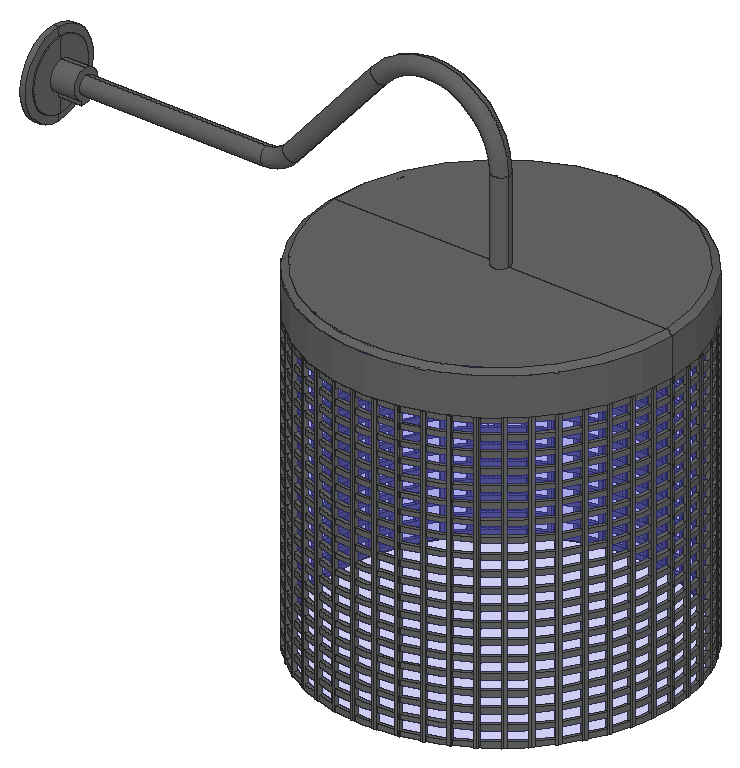
Revit family "OSOC LED 20", category Lighting Fixtures, Revit 2020
Family settings
  Round Connector Dimension = Use Diameter
  Part Type = Normal
  OmniClass Number = 23.80.70.00
  OmniClass Title = Lighting
  Work Plane-Based = No
  Always vertical = Yes
  Cut with Voids When Loaded = No
  Light Source = Yes
  Shared = No
  Room Calculation Point = No
Parameters (values of type "OSOC20")
  b = 0' - 3"
  a = 1' - 7"
  Weight = "18.0 lbs"
  Wattage Comments = "37 W"
  Wattage = 26.9284 W
  Warranty = "5 year limited warranty"  # constant formula
  built-in parameter 1150110 = 1 (stored number, unit not read)
  Voltage = 120 V
  URL = "https://www.anplighting.com/assets/Uploads/product-attachments/specification-sheets/ANP-Specification-Sheet-RLM-LED-OSOC20.pdf"
  built-in parameter 1114217 = 1 (stored number, unit not read)
  Tilt Angle = 90.00°
  built-in parameter 1150109 = 1 (stored number, unit not read)
  built-in parameter 1150134 = 12
  built-in parameter 1150113 = 1 (stored number, unit not read)
  Ring = body
  Photometric Web File = "generic"
  OSOC20 = yes
  built-in parameter 1150142 = (empty or 0)
  Mounting Option [instance] = 2
  Power Factor = 1
  Post Mount [instance] = Mounting Option = 5  # no
  Placement X axis side [instance] = if(Post Mount, 2' 2 15/32", if(Cord or Stem Mount, 0' 0", if(E36 20 inch, 1' 8 1/4", if(E 6 26 inch, 2' 2", if(E7 41 inch, 3' 5 1/4", 0' 1")))))  # 2' - 2"
  Model = "OSOC20"
  Manufacturer = "ANP Lighting"  # constant formula
  built-in parameter 1150105 = 318.31 (stored number, unit not read)
  Lumens = 4000 lm
  built-in parameter 1150115 = 1 (stored number, unit not read)
  Load Classification = Lighting
  Light Source Height [instance] = 0' - 0"
  built-in parameter 1150137 = (empty or 0)
  built-in parameter 1150139 = (empty or 0)
  Light Elevation _2 [instance] = if(Post Mount, 0' 0.66142", if(E7 41 inch, 0' 0.66142", if(E36 20 inch, 0' 1.65748", if(E 6 26 inch, 0' 1.53543", if(Cord or Stem Mount, (0' 4.3622" + Cord Length), 0' 0")))))  # 0' - 1.53543"
  Light Elevation _1 [instance] = if(Post Mount, 0' 0", if(E7 41 inch, 0' 0", if(E36 20 inch, 0' 1", if(E 6 26 inch, 0' 0.87402", if(Cord or Stem Mount, (0' 3.66142" + Cord Length), 0' 0")))))  # 0' - 0.87402"
  Light Elevation [instance] = if(Post Mount, 14' 0.5315", if(E7 41 inch, 0' 0", 0' 0"))  # 0' - 0"
  Life = "L70 50,000 hours"  # constant formula
  built-in parameter 1150112 = 1 (stored number, unit not read)
  built-in parameter 1150114 = 1 (stored number, unit not read)
  Lamp = "LED"
  built-in parameter 1150132 = 2
  built-in parameter 1150102 = (empty or 0)
  built-in parameter 1150107 = 4000 (stored number, unit not read)
  built-in parameter 1150138 = (empty or 0)
  built-in parameter 1150106 = 3.1831 (stored number, unit not read)
  HUB = body
  GLASS = Glass
  Fixture Height = 1' - 7 5/8"
  Fixture Diameter = 1' - 8"
  Efficiency = "65-125 lumens per watt"  # constant formula
  built-in parameter 1150104 = 13.8 (stored number, unit not read)
  E7 41 inch [instance] = Mounting Option = 4  # no
  E36 20 inch [instance] = Mounting Option = 3  # no
  E 6 26 inch [instance] = Mounting Option = 2  # yes
  Dimming Lamp Color Temperature Shift = <None>
  Dimming = "1%"  # constant formula
  Description = "120-277 Voltage"  # constant formula
  Default Elevation = 0' - 0"
  Cord or Stem Mount [instance] = Mounting Option = 1  # no
  Cord Length option [instance] = 0
  Cord Length [instance] = if([2' Cord], 2' 0", if([4' Cord], 4' 0", if([8' Cord], 8' 0", if([10' Cord], 10' 0", if([6' Cord], 6' 0", 6' 0")))))  # 6' - 0"
  Construction Material = "Heavy Duty spun aluminum."  # constant formula
  Color Filter = 16777215
  Canopy Body = body
  CRI = ">90"  # constant formula
  Body Material = body
  Body Colour = "Spun aluminium"  # constant formula
  built-in parameter 1114218 = 1 (stored number, unit not read)
  built-in parameter 1150133 = 10 (stored number, unit not read)
  Apparent Load = 37 VA
  8' Cord [instance] = Cord Length option = 8  # no
  6' Cord [instance] = Cord Length option = 6  # no
  4' Cord [instance] = Cord Length option = 4  # no
  2' Cord [instance] = Cord Length option = 2  # no
  10' Cord [instance] = Cord Length option = 10  # no
Reference planes (in)
  plane 1 "Light Source Axis (F/B)": y = 0
  plane 2: z = 0
  plane 3 "Light Source Axis (L/R)": x = 0
  plane 4 "Light Source Elevation": z = 0
  plane 5: z = 0
  plane 6: x = 26
  plane 7 "Bulb Position": z = -1.53543
  plane 8 "Canopy Position": z = -0.87402
  plane 9 "IES": z = -1.53543
  plane 10: z = 164.5315
  plane 11: z = -19.87402
  plane 12: z = -16.87402
  plane 13: z = -14.44289
Dimensions and locks (in)
  "Light Elevation": plane 5 to plane 2
  "Placement X axis side": plane 6 to plane 3 "Light Source Axis (L/R)"
  "Light Elevation _2": plane 5 to plane 7 "Bulb Position"
  "Light Elevation _1": plane 5 to plane 8 "Canopy Position"
  "Light Source Height": plane 7 "Bulb Position" to plane 9 "IES"
  plane 4 "Light Source Elevation" to plane 2 = 0' - 0"
  "a": plane 8 "Canopy Position" to plane 11
  "b": plane 12 to plane 11
  locked: plane 13 to plane 12 at 2.43113
  aligned and locked: level to plane 2
  aligned and locked: plane 1 "Light Source Axis (F/B)" to nested 5
  aligned and locked: nested 5 to plane 2
  aligned and locked: nested 1 to plane 3 "Light Source Axis (L/R)"
  aligned and locked: plane 3 "Light Source Axis (L/R)" to nested 2
  aligned and locked: plane 3 "Light Source Axis (L/R)" to nested 4
  aligned and locked: nested 3 to plane 5
  aligned and locked: plane 3 "Light Source Axis (L/R)" to nested 3
  aligned and locked: plane 3 "Light Source Axis (L/R)" to nested 5
  aligned and locked: plane 1 "Light Source Axis (F/B)" to nested 2
  aligned and locked: plane 1 "Light Source Axis (F/B)" to nested 1
  aligned and locked: plane 1 "Light Source Axis (F/B)" to nested 4
  aligned and locked: plane 1 "Light Source Axis (F/B)" to nested 3
  aligned and locked: plane 2 to nested 1
  aligned and locked: plane 2 to nested 2
  aligned and locked: nested 4 to plane 2
  aligned and locked: plane 6 to imposter light
  aligned and locked: imposter light to plane 12
  aligned and locked: plane 1 "Light Source Axis (F/B)" to nested 6
  aligned and locked: plane 6 to nested 6
  aligned and locked: nested 6 to plane 8 "Canopy Position"
Nested families (in)
  nested 1: "CORD OR STEM MOUNT" at (0, 0, -75.67), visible <- "Cord or Stem Mount", Cord or Stem Mount <- "Cord or Stem Mount", Body Material <- "Body Material", Light Elevation <- "Light Elevation", Cord Length <- "Cord Length", 10' Cord <- "10' Cord", 2' Cord <- "2' Cord", 4' Cord <- "4' Cord", 6' Cord <- "6' Cord", 8' Cord <- "8' Cord", type "CORD OR STEM MOUNT"
    with Light Elevation 0' - 0", Cord or Stem Mount no, Cord Length 6' - 0", Body Material body, 8' Cord no, 6' Cord no, 4' Cord no, 2' Cord no, 10' Cord no
  nested 2: "E6 26 INCH" at (26, 0, 0), visible <- "E 6 26 inch", Chain Length <- "Cord Length", E 6 26 inch <- "E 6 26 inch", Placement X axis side <- "Placement X axis side", Body Material <- "Body Material", Light Elevation <- "Light Elevation", type "E6 26 INCH"
    with Placement X axis side 2' - 2", Light Elevation 0' - 0", E 6 26 inch yes, Chain Length 6' - 0", Body Material body
  nested 3: "E7 41 INCH" at (26, 0, 0), Chain Length <- "Cord Length", visible <- "E7 41 inch", E7 41 inch <- "E7 41 inch", Placement X axis side <- "Placement X axis side", Body Material <- "Body Material", Light Elevation <- "Light Elevation", type "E7 41 INCH"
    with Placement X axis side 2' - 2", Light Elevation 0' - 0", E7 41 inch no, Chain Length 6' - 0", Body Material body
  nested 4: "E36 20 INCH" at (26, 0, 0), visible <- "E36 20 inch", E36 20 inch <- "E36 20 inch", Placement X axis side <- "Placement X axis side", Chain Length <- "Cord Length", Body Material <- "Body Material", Light Elevation <- "Light Elevation", type "E36 20 INCH"
    with Placement X axis side 2' - 2", Light Elevation 0' - 0", E36 20 inch no, Chain Length 6' - 0", Body Material body
  nested 5: "POST MOUNT" at (26, 0, 0), visible <- "Post Mount", Post Mount <- "Post Mount", Placement X axis side <- "Placement X axis side", Chain Length <- "Cord Length", Body Material <- "Body Material", Light Elevation <- "Light Elevation", type "POST MOUNT"
    with Post Mount no, Placement X axis side 2' - 2", Light Elevation 0' - 0", Chain Length 6' - 0", Body Material body
  nested 6: "OSOC 20_1" at (26, 0, -0.87402), OSOC20 <- "OSOC20", visible <- "OSOC20", GLASS <- "GLASS", HUB <- "HUB", Ring <- "Ring", Light Elevation <- "Light Elevation", type "OSOC 20_1"
    with Ring body, OSOC20 yes, Light Elevation 0' - 0", HUB body, GLASS Glass
Definition of nested family "E6 26 INCH"
  Parameters (values of type "E6 26 INCH")
    URL = ""
    Placement X axis side [instance] = 2' - 2"
    Model = ""
    Manufacturer = ""
    Light Elevation [instance] = 8' - 4"
    E 6 26 inch [instance] = yes
    Default Elevation = 0' - 0"
    Chain Length [instance] = 0' - 0"
    Body Material [instance] = none
  Reference planes (in)
    plane 1 "Light Source Axis (F/B)": y = 0
    plane 2: z = 0
    plane 3 "Light Source Axis (L/R)": x = 0
    plane 4 "Light Source Elevation": z = 23.125
    plane 5: z = 100
    plane 6: x = -26
    plane 7: z = 99.125
    plane 8: x = -24.12
    plane 9: x = -25.5474
  Forms (in)
    Extrusion 1, void, not visible
      sketch origin (0, 0, 2.38154) x (1, 0, 0) y (0, 0, 1)
        loop
          circle (0, 4.59925) r 0.16583
      from 1.18594 to 1.75
    Extrusion 2, void, not visible
      sketch origin (0, 0, 2.38154) x (0.707107, -0.707107, 0) y (0, 0, 1)
        loop
          circle (0, 4.59925) r 0.16583
      from 1.18594 to 1.75
    Extrusion 3, void, not visible
      sketch origin (0, 0, 2.38154) x (0.707107, 0.707107, 0) y (0, 0, 1)
        loop
          circle (0, 4.59925) r 0.16583
      from 1.18594 to 1.75
    Extrusion 4, void, not visible
      sketch origin (0, 0, 2.38154) x (0, 1, 0) y (0, 0, 1)
        loop
          circle (0, 4.59925) r 0.16583
      from 1.18594 to 1.75
    Extrusion 5, void, not visible
      sketch origin (0, 0, 2.38154) x (-0.707107, 0.707107, 0) y (0, 0, 1)
        loop
          circle (0, 4.59925) r 0.16583
      from 1.18594 to 1.75
    Extrusion 6, void, not visible
      sketch origin (0, 0, 2.38154) x (-1, 0, 0) y (0, 0, 1)
        loop
          circle (0, 4.59925) r 0.20678
      from 1.18594 to 1.75
    Extrusion 7, void, not visible
      sketch origin (0, 0, 2.38154) x (-0.707107, -0.707107, 0) y (0, 0, 1)
        loop
          circle (0, 4.59925) r 0.16583
      from 1.18594 to 1.75
    Extrusion 8, void, not visible
      sketch origin (0, 0, 2.38154) x (0, -1, 0) y (0, 0, 1)
        loop
          circle (0, 4.59925) r 0.16583
      from 1.18594 to 1.75
    Sweep 9, solid, material <- "Body Material", visible <- "E 6 26 inch"
      path origin (-41.25, 0, 168.51693) x (1, 0, 0) y (0, 0, 1)
        loop
          line (17.13, -68.51693) -> (27.68551, -68.51693)
          arc (27.68551, -68.51693) -> (28.47996, -68.34486) -> (29.13202, -67.8595) r 1.92004
          line (29.13202, -67.8595) -> (34.23651, -62.01155)
          arc (34.23651, -62.01155) -> (38.65464, -60.89667) -> (41.25, -64.64193) r 4
          line (41.25, -64.64193) -> (41.25, -69.39193)
      profile origin (-18.84224, 0, 100) x (0, 0, 1) y (0, -1, 0)
        loop
          circle (0, 0) r 0.5
    Revolve 10, solid, material <- "Body Material", visible <- "E 6 26 inch"
      sketch origin (-26, 0, 168.51693) x (1, 0, 0) y (0, 0, 1)
        loop
          line (0, -66.07943) -> (0, -68.51693) -> (1.88, -68.51693) -> (1.88, -67.69272) -> (0.4526, -67.69272) -> (0.4526, -66.54122) -> (0.33125, -66.54122) -> (0.33125, -66.07943) -> (0, -66.07943)
        axis (0, -68.51693) -> (1.88, -68.51693)
      angle from 0 to 360
    Extrusion 11, solid, material <- "Body Material", visible <- "E 6 26 inch"
      sketch origin (-26, 0, 168.51693) x (0, -1, 0) y (0, 0, -1)
        loop
          line (0.25, 68.51693) -> (0.25, 69.51693) -> (-0.25, 69.51693) -> (-0.25, 68.51693) -> (0.25, 68.51693)
      from 0.4526 to 1.88
  Cuts and joins
    joined: Revolve 10, Extrusion 11
  Dimensions and locks (in)
    "Light Elevation": plane 5 to plane 2
    "Placement X axis side": plane 3 "Light Source Axis (L/R)" to plane 6
    locked: plane 5 to plane 7 at 0.875
    Revolve 10 sketch curve to Revolve 10 sketch curve to Revolve 10 sketch curve to plane 6 = 0' - 1.4274" locked, 0' - 0.12135" locked, 0' - 0.33125" locked
    Revolve 10 sketch curve to Revolve 10 sketch curve to Revolve 10 sketch curve to plane 5 = 0' - 0.46179" locked, 0' - 1.1515" locked, 0' - 0 211/256" locked
    locked: Sweep 9 sketch curve to plane 6 at 1.88
    locked: Sweep 9 sketch curve to Sweep 9 sketch curve at 10.55551
    locked: Sweep 9 sketch curve to Sweep 9 sketch curve at 13.56449
    locked: Sweep 9 sketch curve to Sweep 9 sketch curve at 4.75
    locked: plane 9 to plane 6 at 0.4526
    locked: plane 8 to plane 9 at 1.4274
    aligned and locked: level to plane 2
    aligned and locked: Revolve 10 sketch curve to plane 6
    aligned and locked: plane 5 to Revolve 10 sketch curve
    aligned and locked: Revolve 10 sketch curve to plane 5
    aligned and locked: cut or joined group of Revolve 10, Extrusion 11 to plane 9
    aligned and locked: plane 8 to cut or joined group of Revolve 10, Extrusion 11
  Automatic sketch dimensions
    Sweep 9 sketch curve to plane 5 = 0' - 0"
    Sweep 9 sketch curve to Sweep 9 sketch curve = 0' - 4"
    Sweep 9 sketch curve to Sweep 9 sketch curve = 0' - 3.01349"
    plane 5 to Sweep 9 sketch curve = 0' - 0.65743"
    Sweep 9 sketch curve to Sweep 9 sketch curve = 0' - 1.4465"
    Sweep 9 sketch curve to plane 5 = 0' - 0 7/8"
    profile plane to Sweep 9 sketch curve = 0' - 0"
    Sweep 9 sketch curve to profile plane = 0' - 0"
    plane 6 to Revolve 10 sketch curve = 0' - 0.62562"
    Revolve 10 sketch curve to Revolve 10 sketch curve = 0' - 0 1/2"
    Extrusion 11 sketch curve to plane 5 = 0' - 0"
    plane 1 "Light Source Axis (F/B)" to Extrusion 11 sketch curve = 0' - 0 1/4"
    Extrusion 11 sketch curve to plane 1 "Light Source Axis (F/B)" = 0' - 0 1/4"
    plane 5 to Extrusion 11 sketch curve = 0' - 1"
    radius of Sweep 9 sketch curve = 0' - 0 1/2"
Definition of nested family "OSOC 20_1"
  Parameters (values of type "OSOC 20_1")
    Ring [instance] = none
    OSOC20 [instance] = yes
    Light Elevation [instance] = 3' - 0"
    HUB [instance] = none
    GLASS [instance] = none
    Default Elevation = 0' - 0"
  Reference planes (in)
    plane 1 "Center (Front/Back)": y = 0
    plane 2: z = 0
    plane 3 "Center (Left/Right)": x = 0
    plane 4: z = 36
  Dimensions and locks (in)
    "Light Elevation": plane 4 to plane 2
    aligned and locked: plane 2 to level
    aligned and locked: plane 3 "Center (Left/Right)" to nested 1
    aligned and locked: plane 1 "Center (Front/Back)" to nested 1
    aligned and locked: plane 4 to nested 1
  Nested families (in)
    nested 1: "OSOC20" at (0, 0, 16.375), Ring <- "Ring", HUB <- "HUB", GLASS <- "GLASS", visible <- "OSOC20", OSOC20 <- "OSOC20", type "OSOC20"
      with Ring none, OSOC20 yes, HUB none, GLASS none
  Definition of nested family "OSOC20"
    Parameters (values of type "OSOC20")
      Ring [instance] = none
      OSOC20 [instance] = yes
      HUB [instance] = none
      GLASS [instance] = none
      Default Elevation = 0' - 0"
    Reference planes (in)
      plane 1 "Center (Front/Back)": y = 0
      plane 2: z = 0
      plane 3 "Center (Left/Right)": x = 0
      plane 4: z = 19.625
      plane 5: x = -10
      plane 6: x = 10
    Forms (in)
      Revolve 1, solid, material <- "HUB", visible <- "OSOC20"
        sketch origin (0, 0, 0) x (1, 0, 0) y (0, 0, 1)
          loop
            line (-10, 17.1875) -> (-9.80254, 17.1875) -> (-9.80254, 19.2195) -> (-9.58046, 19.375) -> (-0.50234, 19.375) -> (-0.50234, 19.625) -> (-9.64296, 19.625) -> (-10, 19.375) -> (-10, 17.1875)
          axis (0, 19.625) -> (0, 17.1875)
        angle from 0 to 360
      Revolve 2, solid, material <- "GLASS", visible <- "OSOC20"
        sketch origin (0, 0, 0) x (1, 0, 0) y (0, 0, 1)
          loop
            line (-9.80254, 17.1875) -> (-9.80254, 0) -> (-9.73937, 0) -> (-9.73937, 17.1875) -> (-9.80254, 17.1875)
          axis (0, 17.1875) -> (0, 0)
        angle from 0 to 360
      Extrusion 3, solid, material <- "Ring", visible <- "OSOC20"
        sketch origin (0, 0, 0) x (1, 0, 0) y (0, 1, 0)
          loop
            arc (9.80254, 0) -> (9.80234, -0.06184) -> (9.80176, -0.12369) r 9.80254
            line (9.80176, -0.12369) -> (9.99924, -0.12369)
            arc (9.99924, -0.12369) -> (9.99981, -0.06184) -> (10, 0) r 10
            arc (10, 0) -> (9.99981, 0.06184) -> (9.99924, 0.12369) r 10
            line (9.99924, 0.12369) -> (9.80176, 0.12369)
            arc (9.80176, 0.12369) -> (9.80234, 0.06184) -> (9.80254, 0) r 9.80254
        from 0 to 17.1875
      Extrusion 4, solid, material <- "Ring", visible <- "OSOC20"
        sketch origin (0, 0, 0) x (0.992115, -0.125333, 0) y (0.125333, 0.992115, 0)
          loop
            arc (9.80254, 0) -> (9.80234, -0.06184) -> (9.80176, -0.12369) r 9.80254
            line (9.80176, -0.12369) -> (9.99924, -0.12369)
            arc (9.99924, -0.12369) -> (9.99981, -0.06184) -> (10, 0) r 10
            arc (10, 0) -> (9.99981, 0.06184) -> (9.99924, 0.12369) r 10
            line (9.99924, 0.12369) -> (9.80176, 0.12369)
            arc (9.80176, 0.12369) -> (9.80234, 0.06184) -> (9.80254, 0) r 9.80254
        from 0 to 17.1875
      Extrusion 5, solid, material <- "Ring", visible <- "OSOC20"
        sketch origin (0, 0, 0) x (0.992115, 0.125333, 0) y (-0.125333, 0.992115, 0)
          loop
            arc (9.80254, 0) -> (9.80234, -0.06184) -> (9.80176, -0.12369) r 9.80254
            line (9.80176, -0.12369) -> (9.99924, -0.12369)
            arc (9.99924, -0.12369) -> (9.99981, -0.06184) -> (10, 0) r 10
            arc (10, 0) -> (9.99981, 0.06184) -> (9.99924, 0.12369) r 10
            line (9.99924, 0.12369) -> (9.80176, 0.12369)
            arc (9.80176, 0.12369) -> (9.80234, 0.06184) -> (9.80254, 0) r 9.80254
        from 0 to 17.1875
      Extrusion 6, solid, material <- "Ring", visible <- "OSOC20"
        sketch origin (0, 0, 0) x (0.968583, 0.24869, 0) y (-0.24869, 0.968583, 0)
          loop
            arc (9.80254, 0) -> (9.80234, -0.06184) -> (9.80176, -0.12369) r 9.80254
            line (9.80176, -0.12369) -> (9.99924, -0.12369)
            arc (9.99924, -0.12369) -> (9.99981, -0.06184) -> (10, 0) r 10
            arc (10, 0) -> (9.99981, 0.06184) -> (9.99924, 0.12369) r 10
            line (9.99924, 0.12369) -> (9.80176, 0.12369)
            arc (9.80176, 0.12369) -> (9.80234, 0.06184) -> (9.80254, 0) r 9.80254
        from 0 to 17.1875
      Extrusion 7, solid, material <- "Ring", visible <- "OSOC20"
        sketch origin (0, 0, 0) x (0.929776, 0.368125, 0) y (-0.368125, 0.929776, 0)
          loop
            arc (9.80254, 0) -> (9.80234, -0.06184) -> (9.80176, -0.12369) r 9.80254
            line (9.80176, -0.12369) -> (9.99924, -0.12369)
            arc (9.99924, -0.12369) -> (9.99981, -0.06184) -> (10, 0) r 10
            arc (10, 0) -> (9.99981, 0.06184) -> (9.99924, 0.12369) r 10
            line (9.99924, 0.12369) -> (9.80176, 0.12369)
            arc (9.80176, 0.12369) -> (9.80234, 0.06184) -> (9.80254, 0) r 9.80254
        from 0 to 17.1875
      Extrusion 8, solid, material <- "Ring", visible <- "OSOC20"
        sketch origin (0, 0, 0) x (0.876307, 0.481754, 0) y (-0.481754, 0.876307, 0)
          loop
            arc (9.80254, 0) -> (9.80234, -0.06184) -> (9.80176, -0.12369) r 9.80254
            line (9.80176, -0.12369) -> (9.99924, -0.12369)
            arc (9.99924, -0.12369) -> (9.99981, -0.06184) -> (10, 0) r 10
            arc (10, 0) -> (9.99981, 0.06184) -> (9.99924, 0.12369) r 10
            line (9.99924, 0.12369) -> (9.80176, 0.12369)
            arc (9.80176, 0.12369) -> (9.80234, 0.06184) -> (9.80254, 0) r 9.80254
        from 0 to 17.1875
      Extrusion 9, solid, material <- "Ring", visible <- "OSOC20"
        sketch origin (0, 0, 0) x (0.809017, 0.587785, 0) y (-0.587785, 0.809017, 0)
          loop
            arc (9.80254, 0) -> (9.80234, -0.06184) -> (9.80176, -0.12369) r 9.80254
            line (9.80176, -0.12369) -> (9.99924, -0.12369)
            arc (9.99924, -0.12369) -> (9.99981, -0.06184) -> (10, 0) r 10
            arc (10, 0) -> (9.99981, 0.06184) -> (9.99924, 0.12369) r 10
            line (9.99924, 0.12369) -> (9.80176, 0.12369)
            arc (9.80176, 0.12369) -> (9.80234, 0.06184) -> (9.80254, 0) r 9.80254
        from 0 to 17.1875
      Extrusion 10, solid, material <- "Ring", visible <- "OSOC20"
        sketch origin (0, 0, 0) x (0.728969, 0.684547, 0) y (-0.684547, 0.728969, 0)
          loop
            arc (9.80254, 0) -> (9.80234, -0.06184) -> (9.80176, -0.12369) r 9.80254
            line (9.80176, -0.12369) -> (9.99924, -0.12369)
            arc (9.99924, -0.12369) -> (9.99981, -0.06184) -> (10, 0) r 10
            arc (10, 0) -> (9.99981, 0.06184) -> (9.99924, 0.12369) r 10
            line (9.99924, 0.12369) -> (9.80176, 0.12369)
            arc (9.80176, 0.12369) -> (9.80234, 0.06184) -> (9.80254, 0) r 9.80254
        from 0 to 17.1875
      Extrusion 11, solid, material <- "Ring", visible <- "OSOC20"
        sketch origin (0, 0, 0) x (0.637424, 0.770513, 0) y (-0.770513, 0.637424, 0)
          loop
            arc (9.80254, 0) -> (9.80234, -0.06184) -> (9.80176, -0.12369) r 9.80254
            line (9.80176, -0.12369) -> (9.99924, -0.12369)
            arc (9.99924, -0.12369) -> (9.99981, -0.06184) -> (10, 0) r 10
            arc (10, 0) -> (9.99981, 0.06184) -> (9.99924, 0.12369) r 10
            line (9.99924, 0.12369) -> (9.80176, 0.12369)
            arc (9.80176, 0.12369) -> (9.80234, 0.06184) -> (9.80254, 0) r 9.80254
        from 0 to 17.1875
      Extrusion 12, solid, material <- "Ring", visible <- "OSOC20"
        sketch origin (0, 0, 0) x (0.535827, 0.844328, 0) y (-0.844328, 0.535827, 0)
          loop
            arc (9.80254, 0) -> (9.80234, -0.06184) -> (9.80176, -0.12369) r 9.80254
            line (9.80176, -0.12369) -> (9.99924, -0.12369)
            arc (9.99924, -0.12369) -> (9.99981, -0.06184) -> (10, 0) r 10
            arc (10, 0) -> (9.99981, 0.06184) -> (9.99924, 0.12369) r 10
            line (9.99924, 0.12369) -> (9.80176, 0.12369)
            arc (9.80176, 0.12369) -> (9.80234, 0.06184) -> (9.80254, 0) r 9.80254
        from 0 to 17.1875
      Extrusion 13, solid, material <- "Ring", visible <- "OSOC20"
        sketch origin (0, 0, 0) x (0.425779, 0.904827, 0) y (-0.904827, 0.425779, 0)
          loop
            arc (9.80254, 0) -> (9.80234, -0.06184) -> (9.80176, -0.12369) r 9.80254
            line (9.80176, -0.12369) -> (9.99924, -0.12369)
            arc (9.99924, -0.12369) -> (9.99981, -0.06184) -> (10, 0) r 10
            arc (10, 0) -> (9.99981, 0.06184) -> (9.99924, 0.12369) r 10
            line (9.99924, 0.12369) -> (9.80176, 0.12369)
            arc (9.80176, 0.12369) -> (9.80234, 0.06184) -> (9.80254, 0) r 9.80254
        from 0 to 17.1875
      Extrusion 14, solid, material <- "Ring", visible <- "OSOC20"
        sketch origin (0, 0, 0) x (0.309017, 0.951057, 0) y (-0.951057, 0.309017, 0)
          loop
            arc (9.80254, 0) -> (9.80234, -0.06184) -> (9.80176, -0.12369) r 9.80254
            line (9.80176, -0.12369) -> (9.99924, -0.12369)
            arc (9.99924, -0.12369) -> (9.99981, -0.06184) -> (10, 0) r 10
            arc (10, 0) -> (9.99981, 0.06184) -> (9.99924, 0.12369) r 10
            line (9.99924, 0.12369) -> (9.80176, 0.12369)
            arc (9.80176, 0.12369) -> (9.80234, 0.06184) -> (9.80254, 0) r 9.80254
        from 0 to 17.1875
      Extrusion 15, solid, material <- "Ring", visible <- "OSOC20"
        sketch origin (0, 0, 0) x (0.187381, 0.982287, 0) y (-0.982287, 0.187381, 0)
          loop
            arc (9.80254, 0) -> (9.80234, -0.06184) -> (9.80176, -0.12369) r 9.80254
            line (9.80176, -0.12369) -> (9.99924, -0.12369)
            arc (9.99924, -0.12369) -> (9.99981, -0.06184) -> (10, 0) r 10
            arc (10, 0) -> (9.99981, 0.06184) -> (9.99924, 0.12369) r 10
            line (9.99924, 0.12369) -> (9.80176, 0.12369)
            arc (9.80176, 0.12369) -> (9.80234, 0.06184) -> (9.80254, 0) r 9.80254
        from 0 to 17.1875
      Extrusion 16, solid, material <- "Ring", visible <- "OSOC20"
        sketch origin (0, 0, 0) x (0.062791, 0.998027, 0) y (-0.998027, 0.062791, 0)
          loop
            arc (9.80254, 0) -> (9.80234, -0.06184) -> (9.80176, -0.12369) r 9.80254
            line (9.80176, -0.12369) -> (9.99924, -0.12369)
            arc (9.99924, -0.12369) -> (9.99981, -0.06184) -> (10, 0) r 10
            arc (10, 0) -> (9.99981, 0.06184) -> (9.99924, 0.12369) r 10
            line (9.99924, 0.12369) -> (9.80176, 0.12369)
            arc (9.80176, 0.12369) -> (9.80234, 0.06184) -> (9.80254, 0) r 9.80254
        from 0 to 17.1875
      Extrusion 17, solid, material <- "Ring", visible <- "OSOC20"
        sketch origin (0, 0, 0) x (-0.062791, 0.998027, 0) y (-0.998027, -0.062791, 0)
          loop
            arc (9.80254, 0) -> (9.80234, -0.06184) -> (9.80176, -0.12369) r 9.80254
            line (9.80176, -0.12369) -> (9.99924, -0.12369)
            arc (9.99924, -0.12369) -> (9.99981, -0.06184) -> (10, 0) r 10
            arc (10, 0) -> (9.99981, 0.06184) -> (9.99924, 0.12369) r 10
            line (9.99924, 0.12369) -> (9.80176, 0.12369)
            arc (9.80176, 0.12369) -> (9.80234, 0.06184) -> (9.80254, 0) r 9.80254
        from 0 to 17.1875
      Extrusion 18, solid, material <- "Ring", visible <- "OSOC20"
        sketch origin (0, 0, 0) x (-0.187381, 0.982287, 0) y (-0.982287, -0.187381, 0)
          loop
            arc (9.80254, 0) -> (9.80234, -0.06184) -> (9.80176, -0.12369) r 9.80254
            line (9.80176, -0.12369) -> (9.99924, -0.12369)
            arc (9.99924, -0.12369) -> (9.99981, -0.06184) -> (10, 0) r 10
            arc (10, 0) -> (9.99981, 0.06184) -> (9.99924, 0.12369) r 10
            line (9.99924, 0.12369) -> (9.80176, 0.12369)
            arc (9.80176, 0.12369) -> (9.80234, 0.06184) -> (9.80254, 0) r 9.80254
        from 0 to 17.1875
      Extrusion 19, solid, material <- "Ring", visible <- "OSOC20"
        sketch origin (0, 0, 0) x (-0.309017, 0.951057, 0) y (-0.951057, -0.309017, 0)
          loop
            arc (9.80254, 0) -> (9.80234, -0.06184) -> (9.80176, -0.12369) r 9.80254
            line (9.80176, -0.12369) -> (9.99924, -0.12369)
            arc (9.99924, -0.12369) -> (9.99981, -0.06184) -> (10, 0) r 10
            arc (10, 0) -> (9.99981, 0.06184) -> (9.99924, 0.12369) r 10
            line (9.99924, 0.12369) -> (9.80176, 0.12369)
            arc (9.80176, 0.12369) -> (9.80234, 0.06184) -> (9.80254, 0) r 9.80254
        from 0 to 17.1875
      Extrusion 20, solid, material <- "Ring", visible <- "OSOC20"
        sketch origin (0, 0, 0) x (-0.425779, 0.904827, 0) y (-0.904827, -0.425779, 0)
          loop
            arc (9.80254, 0) -> (9.80234, -0.06184) -> (9.80176, -0.12369) r 9.80254
            line (9.80176, -0.12369) -> (9.99924, -0.12369)
            arc (9.99924, -0.12369) -> (9.99981, -0.06184) -> (10, 0) r 10
            arc (10, 0) -> (9.99981, 0.06184) -> (9.99924, 0.12369) r 10
            line (9.99924, 0.12369) -> (9.80176, 0.12369)
            arc (9.80176, 0.12369) -> (9.80234, 0.06184) -> (9.80254, 0) r 9.80254
        from 0 to 17.1875
      Extrusion 21, solid, material <- "Ring", visible <- "OSOC20"
        sketch origin (0, 0, 0) x (-0.535827, 0.844328, 0) y (-0.844328, -0.535827, 0)
          loop
            arc (9.80254, 0) -> (9.80234, -0.06184) -> (9.80176, -0.12369) r 9.80254
            line (9.80176, -0.12369) -> (9.99924, -0.12369)
            arc (9.99924, -0.12369) -> (9.99981, -0.06184) -> (10, 0) r 10
            arc (10, 0) -> (9.99981, 0.06184) -> (9.99924, 0.12369) r 10
            line (9.99924, 0.12369) -> (9.80176, 0.12369)
            arc (9.80176, 0.12369) -> (9.80234, 0.06184) -> (9.80254, 0) r 9.80254
        from 0 to 17.1875
      Extrusion 22, solid, material <- "Ring", visible <- "OSOC20"
        sketch origin (0, 0, 0) x (-0.637424, 0.770513, 0) y (-0.770513, -0.637424, 0)
          loop
            arc (9.80254, 0) -> (9.80234, -0.06184) -> (9.80176, -0.12369) r 9.80254
            line (9.80176, -0.12369) -> (9.99924, -0.12369)
            arc (9.99924, -0.12369) -> (9.99981, -0.06184) -> (10, 0) r 10
            arc (10, 0) -> (9.99981, 0.06184) -> (9.99924, 0.12369) r 10
            line (9.99924, 0.12369) -> (9.80176, 0.12369)
            arc (9.80176, 0.12369) -> (9.80234, 0.06184) -> (9.80254, 0) r 9.80254
        from 0 to 17.1875
      Extrusion 23, solid, material <- "Ring", visible <- "OSOC20"
        sketch origin (0, 0, 0) x (-0.728969, 0.684547, 0) y (-0.684547, -0.728969, 0)
          loop
            arc (9.80254, 0) -> (9.80234, -0.06184) -> (9.80176, -0.12369) r 9.80254
            line (9.80176, -0.12369) -> (9.99924, -0.12369)
            arc (9.99924, -0.12369) -> (9.99981, -0.06184) -> (10, 0) r 10
            arc (10, 0) -> (9.99981, 0.06184) -> (9.99924, 0.12369) r 10
            line (9.99924, 0.12369) -> (9.80176, 0.12369)
            arc (9.80176, 0.12369) -> (9.80234, 0.06184) -> (9.80254, 0) r 9.80254
        from 0 to 17.1875
      Extrusion 24, solid, material <- "Ring", visible <- "OSOC20"
        sketch origin (0, 0, 0) x (-0.809017, 0.587785, 0) y (-0.587785, -0.809017, 0)
          loop
            arc (9.80254, 0) -> (9.80234, -0.06184) -> (9.80176, -0.12369) r 9.80254
            line (9.80176, -0.12369) -> (9.99924, -0.12369)
            arc (9.99924, -0.12369) -> (9.99981, -0.06184) -> (10, 0) r 10
            arc (10, 0) -> (9.99981, 0.06184) -> (9.99924, 0.12369) r 10
            line (9.99924, 0.12369) -> (9.80176, 0.12369)
            arc (9.80176, 0.12369) -> (9.80234, 0.06184) -> (9.80254, 0) r 9.80254
        from 0 to 17.1875
      Extrusion 25, solid, material <- "Ring", visible <- "OSOC20"
        sketch origin (0, 0, 0) x (-0.876307, 0.481754, 0) y (-0.481754, -0.876307, 0)
          loop
            arc (9.80254, 0) -> (9.80234, -0.06184) -> (9.80176, -0.12369) r 9.80254
            line (9.80176, -0.12369) -> (9.99924, -0.12369)
            arc (9.99924, -0.12369) -> (9.99981, -0.06184) -> (10, 0) r 10
            arc (10, 0) -> (9.99981, 0.06184) -> (9.99924, 0.12369) r 10
            line (9.99924, 0.12369) -> (9.80176, 0.12369)
            arc (9.80176, 0.12369) -> (9.80234, 0.06184) -> (9.80254, 0) r 9.80254
        from 0 to 17.1875
      Extrusion 26, solid, material <- "Ring", visible <- "OSOC20"
        sketch origin (0, 0, 0) x (-0.929776, 0.368125, 0) y (-0.368125, -0.929776, 0)
          loop
            arc (9.80254, 0) -> (9.80234, -0.06184) -> (9.80176, -0.12369) r 9.80254
            line (9.80176, -0.12369) -> (9.99924, -0.12369)
            arc (9.99924, -0.12369) -> (9.99981, -0.06184) -> (10, 0) r 10
            arc (10, 0) -> (9.99981, 0.06184) -> (9.99924, 0.12369) r 10
            line (9.99924, 0.12369) -> (9.80176, 0.12369)
            arc (9.80176, 0.12369) -> (9.80234, 0.06184) -> (9.80254, 0) r 9.80254
        from 0 to 17.1875
      Extrusion 27, solid, material <- "Ring", visible <- "OSOC20"
        sketch origin (0, 0, 0) x (-0.968583, 0.24869, 0) y (-0.24869, -0.968583, 0)
          loop
            arc (9.80254, 0) -> (9.80234, -0.06184) -> (9.80176, -0.12369) r 9.80254
            line (9.80176, -0.12369) -> (9.99924, -0.12369)
            arc (9.99924, -0.12369) -> (9.99981, -0.06184) -> (10, 0) r 10
            arc (10, 0) -> (9.99981, 0.06184) -> (9.99924, 0.12369) r 10
            line (9.99924, 0.12369) -> (9.80176, 0.12369)
            arc (9.80176, 0.12369) -> (9.80234, 0.06184) -> (9.80254, 0) r 9.80254
        from 0 to 17.1875
      Extrusion 28, solid, material <- "Ring", visible <- "OSOC20"
        sketch origin (0, 0, 0) x (-0.992115, 0.125333, 0) y (-0.125333, -0.992115, 0)
          loop
            arc (9.80254, 0) -> (9.80234, -0.06184) -> (9.80176, -0.12369) r 9.80254
            line (9.80176, -0.12369) -> (9.99924, -0.12369)
            arc (9.99924, -0.12369) -> (9.99981, -0.06184) -> (10, 0) r 10
            arc (10, 0) -> (9.99981, 0.06184) -> (9.99924, 0.12369) r 10
            line (9.99924, 0.12369) -> (9.80176, 0.12369)
            arc (9.80176, 0.12369) -> (9.80234, 0.06184) -> (9.80254, 0) r 9.80254
        from 0 to 17.1875
      Extrusion 29, solid, material <- "Ring", visible <- "OSOC20"
        sketch origin (0, 0, 0) x (-1, 0, 0) y (0, -1, 0)
          loop
            arc (9.80254, 0) -> (9.80234, -0.06184) -> (9.80176, -0.12369) r 9.80254
            line (9.80176, -0.12369) -> (9.99924, -0.12369)
            arc (9.99924, -0.12369) -> (9.99981, -0.06184) -> (10, 0) r 10
            arc (10, 0) -> (9.99981, 0.06184) -> (9.99924, 0.12369) r 10
            line (9.99924, 0.12369) -> (9.80176, 0.12369)
            arc (9.80176, 0.12369) -> (9.80234, 0.06184) -> (9.80254, 0) r 9.80254
        from 0 to 17.1875
      Extrusion 30, solid, material <- "Ring", visible <- "OSOC20"
        sketch origin (0, 0, 0) x (-0.992115, -0.125333, 0) y (0.125333, -0.992115, 0)
          loop
            arc (9.80254, 0) -> (9.80234, -0.06184) -> (9.80176, -0.12369) r 9.80254
            line (9.80176, -0.12369) -> (9.99924, -0.12369)
            arc (9.99924, -0.12369) -> (9.99981, -0.06184) -> (10, 0) r 10
            arc (10, 0) -> (9.99981, 0.06184) -> (9.99924, 0.12369) r 10
            line (9.99924, 0.12369) -> (9.80176, 0.12369)
            arc (9.80176, 0.12369) -> (9.80234, 0.06184) -> (9.80254, 0) r 9.80254
        from 0 to 17.1875
      Extrusion 31, solid, material <- "Ring", visible <- "OSOC20"
        sketch origin (0, 0, 0) x (-0.968583, -0.24869, 0) y (0.24869, -0.968583, 0)
          loop
            arc (9.80254, 0) -> (9.80234, -0.06184) -> (9.80176, -0.12369) r 9.80254
            line (9.80176, -0.12369) -> (9.99924, -0.12369)
            arc (9.99924, -0.12369) -> (9.99981, -0.06184) -> (10, 0) r 10
            arc (10, 0) -> (9.99981, 0.06184) -> (9.99924, 0.12369) r 10
            line (9.99924, 0.12369) -> (9.80176, 0.12369)
            arc (9.80176, 0.12369) -> (9.80234, 0.06184) -> (9.80254, 0) r 9.80254
        from 0 to 17.1875
      Extrusion 32, solid, material <- "Ring", visible <- "OSOC20"
        sketch origin (0, 0, 0) x (-0.929776, -0.368125, 0) y (0.368125, -0.929776, 0)
          loop
            arc (9.80254, 0) -> (9.80234, -0.06184) -> (9.80176, -0.12369) r 9.80254
            line (9.80176, -0.12369) -> (9.99924, -0.12369)
            arc (9.99924, -0.12369) -> (9.99981, -0.06184) -> (10, 0) r 10
            arc (10, 0) -> (9.99981, 0.06184) -> (9.99924, 0.12369) r 10
            line (9.99924, 0.12369) -> (9.80176, 0.12369)
            arc (9.80176, 0.12369) -> (9.80234, 0.06184) -> (9.80254, 0) r 9.80254
        from 0 to 17.1875
      Extrusion 33, solid, material <- "Ring", visible <- "OSOC20"
        sketch origin (0, 0, 0) x (-0.876307, -0.481754, 0) y (0.481754, -0.876307, 0)
          loop
            arc (9.80254, 0) -> (9.80234, -0.06184) -> (9.80176, -0.12369) r 9.80254
            line (9.80176, -0.12369) -> (9.99924, -0.12369)
            arc (9.99924, -0.12369) -> (9.99981, -0.06184) -> (10, 0) r 10
            arc (10, 0) -> (9.99981, 0.06184) -> (9.99924, 0.12369) r 10
            line (9.99924, 0.12369) -> (9.80176, 0.12369)
            arc (9.80176, 0.12369) -> (9.80234, 0.06184) -> (9.80254, 0) r 9.80254
        from 0 to 17.1875
      Extrusion 34, solid, material <- "Ring", visible <- "OSOC20"
        sketch origin (0, 0, 0) x (-0.809017, -0.587785, 0) y (0.587785, -0.809017, 0)
          loop
            arc (9.80254, 0) -> (9.80234, -0.06184) -> (9.80176, -0.12369) r 9.80254
            line (9.80176, -0.12369) -> (9.99924, -0.12369)
            arc (9.99924, -0.12369) -> (9.99981, -0.06184) -> (10, 0) r 10
            arc (10, 0) -> (9.99981, 0.06184) -> (9.99924, 0.12369) r 10
            line (9.99924, 0.12369) -> (9.80176, 0.12369)
            arc (9.80176, 0.12369) -> (9.80234, 0.06184) -> (9.80254, 0) r 9.80254
        from 0 to 17.1875
      Extrusion 35, solid, material <- "Ring", visible <- "OSOC20"
        sketch origin (0, 0, 0) x (-0.728969, -0.684547, 0) y (0.684547, -0.728969, 0)
          loop
            arc (9.80254, 0) -> (9.80234, -0.06184) -> (9.80176, -0.12369) r 9.80254
            line (9.80176, -0.12369) -> (9.99924, -0.12369)
            arc (9.99924, -0.12369) -> (9.99981, -0.06184) -> (10, 0) r 10
            arc (10, 0) -> (9.99981, 0.06184) -> (9.99924, 0.12369) r 10
            line (9.99924, 0.12369) -> (9.80176, 0.12369)
            arc (9.80176, 0.12369) -> (9.80234, 0.06184) -> (9.80254, 0) r 9.80254
        from 0 to 17.1875
      Extrusion 36, solid, material <- "Ring", visible <- "OSOC20"
        sketch origin (0, 0, 0) x (-0.637424, -0.770513, 0) y (0.770513, -0.637424, 0)
          loop
            arc (9.80254, 0) -> (9.80234, -0.06184) -> (9.80176, -0.12369) r 9.80254
            line (9.80176, -0.12369) -> (9.99924, -0.12369)
            arc (9.99924, -0.12369) -> (9.99981, -0.06184) -> (10, 0) r 10
            arc (10, 0) -> (9.99981, 0.06184) -> (9.99924, 0.12369) r 10
            line (9.99924, 0.12369) -> (9.80176, 0.12369)
            arc (9.80176, 0.12369) -> (9.80234, 0.06184) -> (9.80254, 0) r 9.80254
        from 0 to 17.1875
      Extrusion 37, solid, material <- "Ring", visible <- "OSOC20"
        sketch origin (0, 0, 0) x (-0.535827, -0.844328, 0) y (0.844328, -0.535827, 0)
          loop
            arc (9.80254, 0) -> (9.80234, -0.06184) -> (9.80176, -0.12369) r 9.80254
            line (9.80176, -0.12369) -> (9.99924, -0.12369)
            arc (9.99924, -0.12369) -> (9.99981, -0.06184) -> (10, 0) r 10
            arc (10, 0) -> (9.99981, 0.06184) -> (9.99924, 0.12369) r 10
            line (9.99924, 0.12369) -> (9.80176, 0.12369)
            arc (9.80176, 0.12369) -> (9.80234, 0.06184) -> (9.80254, 0) r 9.80254
        from 0 to 17.1875
      Extrusion 38, solid, material <- "Ring", visible <- "OSOC20"
        sketch origin (0, 0, 0) x (-0.425779, -0.904827, 0) y (0.904827, -0.425779, 0)
          loop
            arc (9.80254, 0) -> (9.80234, -0.06184) -> (9.80176, -0.12369) r 9.80254
            line (9.80176, -0.12369) -> (9.99924, -0.12369)
            arc (9.99924, -0.12369) -> (9.99981, -0.06184) -> (10, 0) r 10
            arc (10, 0) -> (9.99981, 0.06184) -> (9.99924, 0.12369) r 10
            line (9.99924, 0.12369) -> (9.80176, 0.12369)
            arc (9.80176, 0.12369) -> (9.80234, 0.06184) -> (9.80254, 0) r 9.80254
        from 0 to 17.1875
      Extrusion 39, solid, material <- "Ring", visible <- "OSOC20"
        sketch origin (0, 0, 0) x (-0.309017, -0.951057, 0) y (0.951057, -0.309017, 0)
          loop
            arc (9.80254, 0) -> (9.80234, -0.06184) -> (9.80176, -0.12369) r 9.80254
            line (9.80176, -0.12369) -> (9.99924, -0.12369)
            arc (9.99924, -0.12369) -> (9.99981, -0.06184) -> (10, 0) r 10
            arc (10, 0) -> (9.99981, 0.06184) -> (9.99924, 0.12369) r 10
            line (9.99924, 0.12369) -> (9.80176, 0.12369)
            arc (9.80176, 0.12369) -> (9.80234, 0.06184) -> (9.80254, 0) r 9.80254
        from 0 to 17.1875
      Extrusion 40, solid, material <- "Ring", visible <- "OSOC20"
        sketch origin (0, 0, 0) x (-0.187381, -0.982287, 0) y (0.982287, -0.187381, 0)
          loop
            arc (9.80254, 0) -> (9.80234, -0.06184) -> (9.80176, -0.12369) r 9.80254
            line (9.80176, -0.12369) -> (9.99924, -0.12369)
            arc (9.99924, -0.12369) -> (9.99981, -0.06184) -> (10, 0) r 10
            arc (10, 0) -> (9.99981, 0.06184) -> (9.99924, 0.12369) r 10
            line (9.99924, 0.12369) -> (9.80176, 0.12369)
            arc (9.80176, 0.12369) -> (9.80234, 0.06184) -> (9.80254, 0) r 9.80254
        from 0 to 17.1875
      Extrusion 41, solid, material <- "Ring", visible <- "OSOC20"
        sketch origin (0, 0, 0) x (-0.062791, -0.998027, 0) y (0.998027, -0.062791, 0)
          loop
            arc (9.80254, 0) -> (9.80234, -0.06184) -> (9.80176, -0.12369) r 9.80254
            line (9.80176, -0.12369) -> (9.99924, -0.12369)
            arc (9.99924, -0.12369) -> (9.99981, -0.06184) -> (10, 0) r 10
            arc (10, 0) -> (9.99981, 0.06184) -> (9.99924, 0.12369) r 10
            line (9.99924, 0.12369) -> (9.80176, 0.12369)
            arc (9.80176, 0.12369) -> (9.80234, 0.06184) -> (9.80254, 0) r 9.80254
        from 0 to 17.1875
      Extrusion 42, solid, material <- "Ring", visible <- "OSOC20"
        sketch origin (0, 0, 0) x (0.062791, -0.998027, 0) y (0.998027, 0.062791, 0)
          loop
            arc (9.80254, 0) -> (9.80234, -0.06184) -> (9.80176, -0.12369) r 9.80254
            line (9.80176, -0.12369) -> (9.99924, -0.12369)
            arc (9.99924, -0.12369) -> (9.99981, -0.06184) -> (10, 0) r 10
            arc (10, 0) -> (9.99981, 0.06184) -> (9.99924, 0.12369) r 10
            line (9.99924, 0.12369) -> (9.80176, 0.12369)
            arc (9.80176, 0.12369) -> (9.80234, 0.06184) -> (9.80254, 0) r 9.80254
        from 0 to 17.1875
      Extrusion 43, solid, material <- "Ring", visible <- "OSOC20"
        sketch origin (0, 0, 0) x (0.187381, -0.982287, 0) y (0.982287, 0.187381, 0)
          loop
            arc (9.80254, 0) -> (9.80234, -0.06184) -> (9.80176, -0.12369) r 9.80254
            line (9.80176, -0.12369) -> (9.99924, -0.12369)
            arc (9.99924, -0.12369) -> (9.99981, -0.06184) -> (10, 0) r 10
            arc (10, 0) -> (9.99981, 0.06184) -> (9.99924, 0.12369) r 10
            line (9.99924, 0.12369) -> (9.80176, 0.12369)
            arc (9.80176, 0.12369) -> (9.80234, 0.06184) -> (9.80254, 0) r 9.80254
        from 0 to 17.1875
      Extrusion 44, solid, material <- "Ring", visible <- "OSOC20"
        sketch origin (0, 0, 0) x (0.309017, -0.951057, 0) y (0.951057, 0.309017, 0)
          loop
            arc (9.80254, 0) -> (9.80234, -0.06184) -> (9.80176, -0.12369) r 9.80254
            line (9.80176, -0.12369) -> (9.99924, -0.12369)
            arc (9.99924, -0.12369) -> (9.99981, -0.06184) -> (10, 0) r 10
            arc (10, 0) -> (9.99981, 0.06184) -> (9.99924, 0.12369) r 10
            line (9.99924, 0.12369) -> (9.80176, 0.12369)
            arc (9.80176, 0.12369) -> (9.80234, 0.06184) -> (9.80254, 0) r 9.80254
        from 0 to 17.1875
      Extrusion 45, solid, material <- "Ring", visible <- "OSOC20"
        sketch origin (0, 0, 0) x (0.425779, -0.904827, 0) y (0.904827, 0.425779, 0)
          loop
            arc (9.80254, 0) -> (9.80234, -0.06184) -> (9.80176, -0.12369) r 9.80254
            line (9.80176, -0.12369) -> (9.99924, -0.12369)
            arc (9.99924, -0.12369) -> (9.99981, -0.06184) -> (10, 0) r 10
            arc (10, 0) -> (9.99981, 0.06184) -> (9.99924, 0.12369) r 10
            line (9.99924, 0.12369) -> (9.80176, 0.12369)
            arc (9.80176, 0.12369) -> (9.80234, 0.06184) -> (9.80254, 0) r 9.80254
        from 0 to 17.1875
      Extrusion 46, solid, material <- "Ring", visible <- "OSOC20"
        sketch origin (0, 0, 0) x (0.535827, -0.844328, 0) y (0.844328, 0.535827, 0)
          loop
            arc (9.80254, 0) -> (9.80234, -0.06184) -> (9.80176, -0.12369) r 9.80254
            line (9.80176, -0.12369) -> (9.99924, -0.12369)
            arc (9.99924, -0.12369) -> (9.99981, -0.06184) -> (10, 0) r 10
            arc (10, 0) -> (9.99981, 0.06184) -> (9.99924, 0.12369) r 10
            line (9.99924, 0.12369) -> (9.80176, 0.12369)
            arc (9.80176, 0.12369) -> (9.80234, 0.06184) -> (9.80254, 0) r 9.80254
        from 0 to 17.1875
      Extrusion 47, solid, material <- "Ring", visible <- "OSOC20"
        sketch origin (0, 0, 0) x (0.637424, -0.770513, 0) y (0.770513, 0.637424, 0)
          loop
            arc (9.80254, 0) -> (9.80234, -0.06184) -> (9.80176, -0.12369) r 9.80254
            line (9.80176, -0.12369) -> (9.99924, -0.12369)
            arc (9.99924, -0.12369) -> (9.99981, -0.06184) -> (10, 0) r 10
            arc (10, 0) -> (9.99981, 0.06184) -> (9.99924, 0.12369) r 10
            line (9.99924, 0.12369) -> (9.80176, 0.12369)
            arc (9.80176, 0.12369) -> (9.80234, 0.06184) -> (9.80254, 0) r 9.80254
        from 0 to 17.1875
      Extrusion 48, solid, material <- "Ring", visible <- "OSOC20"
        sketch origin (0, 0, 0) x (0.728969, -0.684547, 0) y (0.684547, 0.728969, 0)
          loop
            arc (9.80254, 0) -> (9.80234, -0.06184) -> (9.80176, -0.12369) r 9.80254
            line (9.80176, -0.12369) -> (9.99924, -0.12369)
            arc (9.99924, -0.12369) -> (9.99981, -0.06184) -> (10, 0) r 10
            arc (10, 0) -> (9.99981, 0.06184) -> (9.99924, 0.12369) r 10
            line (9.99924, 0.12369) -> (9.80176, 0.12369)
            arc (9.80176, 0.12369) -> (9.80234, 0.06184) -> (9.80254, 0) r 9.80254
        from 0 to 17.1875
      Extrusion 49, solid, material <- "Ring", visible <- "OSOC20"
        sketch origin (0, 0, 0) x (0.809017, -0.587785, 0) y (0.587785, 0.809017, 0)
          loop
            arc (9.80254, 0) -> (9.80234, -0.06184) -> (9.80176, -0.12369) r 9.80254
            line (9.80176, -0.12369) -> (9.99924, -0.12369)
            arc (9.99924, -0.12369) -> (9.99981, -0.06184) -> (10, 0) r 10
            arc (10, 0) -> (9.99981, 0.06184) -> (9.99924, 0.12369) r 10
            line (9.99924, 0.12369) -> (9.80176, 0.12369)
            arc (9.80176, 0.12369) -> (9.80234, 0.06184) -> (9.80254, 0) r 9.80254
        from 0 to 17.1875
      Extrusion 50, solid, material <- "Ring", visible <- "OSOC20"
        sketch origin (0, 0, 0) x (0.876307, -0.481754, 0) y (0.481754, 0.876307, 0)
          loop
            arc (9.80254, 0) -> (9.80234, -0.06184) -> (9.80176, -0.12369) r 9.80254
            line (9.80176, -0.12369) -> (9.99924, -0.12369)
            arc (9.99924, -0.12369) -> (9.99981, -0.06184) -> (10, 0) r 10
            arc (10, 0) -> (9.99981, 0.06184) -> (9.99924, 0.12369) r 10
            line (9.99924, 0.12369) -> (9.80176, 0.12369)
            arc (9.80176, 0.12369) -> (9.80234, 0.06184) -> (9.80254, 0) r 9.80254
        from 0 to 17.1875
      Extrusion 51, solid, material <- "Ring", visible <- "OSOC20"
        sketch origin (0, 0, 0) x (0.929776, -0.368125, 0) y (0.368125, 0.929776, 0)
          loop
            arc (9.80254, 0) -> (9.80234, -0.06184) -> (9.80176, -0.12369) r 9.80254
            line (9.80176, -0.12369) -> (9.99924, -0.12369)
            arc (9.99924, -0.12369) -> (9.99981, -0.06184) -> (10, 0) r 10
            arc (10, 0) -> (9.99981, 0.06184) -> (9.99924, 0.12369) r 10
            line (9.99924, 0.12369) -> (9.80176, 0.12369)
            arc (9.80176, 0.12369) -> (9.80234, 0.06184) -> (9.80254, 0) r 9.80254
        from 0 to 17.1875
      Extrusion 52, solid, material <- "Ring", visible <- "OSOC20"
        sketch origin (0, 0, 0) x (0.968583, -0.24869, 0) y (0.24869, 0.968583, 0)
          loop
            arc (9.80254, 0) -> (9.80234, -0.06184) -> (9.80176, -0.12369) r 9.80254
            line (9.80176, -0.12369) -> (9.99924, -0.12369)
            arc (9.99924, -0.12369) -> (9.99981, -0.06184) -> (10, 0) r 10
            arc (10, 0) -> (9.99981, 0.06184) -> (9.99924, 0.12369) r 10
            line (9.99924, 0.12369) -> (9.80176, 0.12369)
            arc (9.80176, 0.12369) -> (9.80234, 0.06184) -> (9.80254, 0) r 9.80254
        from 0 to 17.1875
      Revolve 53, solid, material <- "Ring", visible <- "OSOC20"
        sketch origin (0, 0, 0) x (1, 0, 0) y (0, 0, 1)
          loop
            line (-9.80176, 0) -> (-9.80176, 0.29377) -> (-10, 0.29377) -> (-10, 0) -> (-9.80176, 0)
          axis (0, 0.29377) -> (0, 0)
        angle from 0 to 360
      Revolve 54, solid, material <- "Ring", visible <- "OSOC20"
        sketch origin (0, 0, 16.89373) x (1, 0, 0) y (0, 0, 1)
          loop
            line (-9.80176, 0) -> (-9.80176, 0.29377) -> (-10, 0.29377) -> (-10, 0) -> (-9.80176, 0)
          axis (0, 0.29377) -> (0, 0)
        angle from 0 to 360
      Revolve 55, solid, material <- "Ring", visible <- "OSOC20"
        sketch origin (0, 0, 0.88914) x (1, 0, 0) y (0, 0, 1)
          loop
            line (-9.80176, 0) -> (-9.80176, 0.29377) -> (-10, 0.29377) -> (-10, 0) -> (-9.80176, 0)
          axis (0, 0.29377) -> (0, 0)
        angle from 0 to 360
      Revolve 56, solid, material <- "Ring", visible <- "OSOC20"
        sketch origin (0, 0, 1.77829) x (1, 0, 0) y (0, 0, 1)
          loop
            line (-9.80176, 0) -> (-9.80176, 0.29377) -> (-10, 0.29377) -> (-10, 0) -> (-9.80176, 0)
          axis (0, 0.29377) -> (0, 0)
        angle from 0 to 360
      Revolve 57, solid, material <- "Ring", visible <- "OSOC20"
        sketch origin (0, 0, 2.66743) x (1, 0, 0) y (0, 0, 1)
          loop
            line (-9.80176, 0) -> (-9.80176, 0.29377) -> (-10, 0.29377) -> (-10, 0) -> (-9.80176, 0)
          axis (0, 0.29377) -> (0, 0)
        angle from 0 to 360
      Revolve 58, solid, material <- "Ring", visible <- "OSOC20"
        sketch origin (0, 0, 3.55658) x (1, 0, 0) y (0, 0, 1)
          loop
            line (-9.80176, 0) -> (-9.80176, 0.29377) -> (-10, 0.29377) -> (-10, 0) -> (-9.80176, 0)
          axis (0, 0.29377) -> (0, 0)
        angle from 0 to 360
      Revolve 59, solid, material <- "Ring", visible <- "OSOC20"
        sketch origin (0, 0, 4.44572) x (1, 0, 0) y (0, 0, 1)
          loop
            line (-9.80176, 0) -> (-9.80176, 0.29377) -> (-10, 0.29377) -> (-10, 0) -> (-9.80176, 0)
          axis (0, 0.29377) -> (0, 0)
        angle from 0 to 360
      Revolve 60, solid, material <- "Ring", visible <- "OSOC20"
        sketch origin (0, 0, 5.33486) x (1, 0, 0) y (0, 0, 1)
          loop
            line (-9.80176, 0) -> (-9.80176, 0.29377) -> (-10, 0.29377) -> (-10, 0) -> (-9.80176, 0)
          axis (0, 0.29377) -> (0, 0)
        angle from 0 to 360
      Revolve 61, solid, material <- "Ring", visible <- "OSOC20"
        sketch origin (0, 0, 6.22401) x (1, 0, 0) y (0, 0, 1)
          loop
            line (-9.80176, 0) -> (-9.80176, 0.29377) -> (-10, 0.29377) -> (-10, 0) -> (-9.80176, 0)
          axis (0, 0.29377) -> (0, 0)
        angle from 0 to 360
      Revolve 62, solid, material <- "Ring", visible <- "OSOC20"
        sketch origin (0, 0, 7.11315) x (1, 0, 0) y (0, 0, 1)
          loop
            line (-9.80176, 0) -> (-9.80176, 0.29377) -> (-10, 0.29377) -> (-10, 0) -> (-9.80176, 0)
          axis (0, 0.29377) -> (0, 0)
        angle from 0 to 360
      Revolve 63, solid, material <- "Ring", visible <- "OSOC20"
        sketch origin (0, 0, 8.00229) x (1, 0, 0) y (0, 0, 1)
          loop
            line (-9.80176, 0) -> (-9.80176, 0.29377) -> (-10, 0.29377) -> (-10, 0) -> (-9.80176, 0)
          axis (0, 0.29377) -> (0, 0)
        angle from 0 to 360
      Revolve 64, solid, material <- "Ring", visible <- "OSOC20"
        sketch origin (0, 0, 8.89144) x (1, 0, 0) y (0, 0, 1)
          loop
            line (-9.80176, 0) -> (-9.80176, 0.29377) -> (-10, 0.29377) -> (-10, 0) -> (-9.80176, 0)
          axis (0, 0.29377) -> (0, 0)
        angle from 0 to 360
      Revolve 65, solid, material <- "Ring", visible <- "OSOC20"
        sketch origin (0, 0, 9.78058) x (1, 0, 0) y (0, 0, 1)
          loop
            line (-9.80176, 0) -> (-9.80176, 0.29377) -> (-10, 0.29377) -> (-10, 0) -> (-9.80176, 0)
          axis (0, 0.29377) -> (0, 0)
        angle from 0 to 360
      Revolve 66, solid, material <- "Ring", visible <- "OSOC20"
        sketch origin (0, 0, 10.66973) x (1, 0, 0) y (0, 0, 1)
          loop
            line (-9.80176, 0) -> (-9.80176, 0.29377) -> (-10, 0.29377) -> (-10, 0) -> (-9.80176, 0)
          axis (0, 0.29377) -> (0, 0)
        angle from 0 to 360
      Revolve 67, solid, material <- "Ring", visible <- "OSOC20"
        sketch origin (0, 0, 11.55887) x (1, 0, 0) y (0, 0, 1)
          loop
            line (-9.80176, 0) -> (-9.80176, 0.29377) -> (-10, 0.29377) -> (-10, 0) -> (-9.80176, 0)
          axis (0, 0.29377) -> (0, 0)
        angle from 0 to 360
      Revolve 68, solid, material <- "Ring", visible <- "OSOC20"
        sketch origin (0, 0, 12.44801) x (1, 0, 0) y (0, 0, 1)
          loop
            line (-9.80176, 0) -> (-9.80176, 0.29377) -> (-10, 0.29377) -> (-10, 0) -> (-9.80176, 0)
          axis (0, 0.29377) -> (0, 0)
        angle from 0 to 360
      Revolve 69, solid, material <- "Ring", visible <- "OSOC20"
        sketch origin (0, 0, 13.33716) x (1, 0, 0) y (0, 0, 1)
          loop
            line (-9.80176, 0) -> (-9.80176, 0.29377) -> (-10, 0.29377) -> (-10, 0) -> (-9.80176, 0)
          axis (0, 0.29377) -> (0, 0)
        angle from 0 to 360
      Revolve 70, solid, material <- "Ring", visible <- "OSOC20"
        sketch origin (0, 0, 14.2263) x (1, 0, 0) y (0, 0, 1)
          loop
            line (-9.80176, 0) -> (-9.80176, 0.29377) -> (-10, 0.29377) -> (-10, 0) -> (-9.80176, 0)
          axis (0, 0.29377) -> (0, 0)
        angle from 0 to 360
      Revolve 71, solid, material <- "Ring", visible <- "OSOC20"
        sketch origin (0, 0, 15.11545) x (1, 0, 0) y (0, 0, 1)
          loop
            line (-9.80176, 0) -> (-9.80176, 0.29377) -> (-10, 0.29377) -> (-10, 0) -> (-9.80176, 0)
          axis (0, 0.29377) -> (0, 0)
        angle from 0 to 360
      Revolve 72, solid, material <- "Ring", visible <- "OSOC20"
        sketch origin (0, 0, 16.00459) x (1, 0, 0) y (0, 0, 1)
          loop
            line (-9.80176, 0) -> (-9.80176, 0.29377) -> (-10, 0.29377) -> (-10, 0) -> (-9.80176, 0)
          axis (0, 0.29377) -> (0, 0)
        angle from 0 to 360
    Dimensions and locks (in)
      plane 4 to plane 2 = 1' - 7 5/8"
      plane 3 "Center (Left/Right)" to plane 5 = 0' - 10"
      equal spacing: plane 6, plane 3 "Center (Left/Right)", plane 5
      plane 6 to plane 5 = 1' - 8"
      aligned and locked: plane 2 to level
    Automatic sketch dimensions
      Revolve 1 sketch curve to plane 5 = 0' - 0"
      Revolve 1 sketch curve to plane 4 = 0' - 0"
      Revolve 1 sketch curve to plane 3 "Center (Left/Right)" = 0' - 0"
      plane 5 to Revolve 1 sketch curve = 0' - 0.19746"
      plane 5 to Revolve 1 sketch curve = 0' - 0.35704"
      Revolve 1 sketch curve to Revolve 1 sketch curve = 0' - 0 1/16"
      Revolve 1 sketch curve to plane 3 "Center (Left/Right)" = 0' - 0.50234"
      Revolve 1 sketch curve to plane 4 = 0' - 0 1/4"  (x2)
      Revolve 1 sketch curve to Revolve 1 sketch curve = 0' - 0.1555"
      Revolve 1 sketch curve to Revolve 1 sketch curve = 0' - 1 3/4"
      Revolve 1 sketch curve to Revolve 1 sketch curve = 0' - 2.032"
      plane 4 to Revolve 1 sketch curve = 0' - 0 1/2"
      Revolve 2 sketch curve to level = 0' - 0"
      Revolve 2 sketch curve to plane 3 "Center (Left/Right)" = 0' - 0"
      plane 5 to Revolve 2 sketch curve = 0' - 0.26063"
      Revolve 2 sketch curve to Revolve 2 sketch curve = 0' - 0.06317"
      Revolve 2 sketch curve to plane 4 = 0' - 2 7/16"
      Revolve 2 sketch curve to plane 4 = 0' - 3 15/16"
      Revolve 2 sketch curve to plane 4 = 0' - 1 15/16"
      Extrusion 3 sketch curve to Extrusion 3 sketch curve = 0' - 0"  (x17)
      Extrusion 3 sketch curve to Extrusion 3 sketch curve = 0' - 0.19748"
      Extrusion 3 sketch curve to Extrusion 3 sketch curve = 0' - 9.80176"
      Extrusion 3 sketch curve to Extrusion 3 sketch curve = 0' - 0.12369"
      Extrusion 4 sketch curve to Extrusion 4 sketch curve = 0' - 0"  (x17)
      Extrusion 4 sketch curve to Extrusion 4 sketch curve = 0' - 0.19748"
      Extrusion 4 sketch curve to Extrusion 4 sketch curve = 0' - 9.80176"
      Extrusion 4 sketch curve to Extrusion 4 sketch curve = 0' - 0.12369"
      Extrusion 5 sketch curve to Extrusion 5 sketch curve = 0' - 0"  (x17)
      Extrusion 5 sketch curve to Extrusion 5 sketch curve = 0' - 0.19748"
      Extrusion 5 sketch curve to Extrusion 5 sketch curve = 0' - 9.80176"
      Extrusion 5 sketch curve to Extrusion 5 sketch curve = 0' - 0.12369"
      Extrusion 6 sketch curve to Extrusion 6 sketch curve = 0' - 0"  (x17)
      Extrusion 6 sketch curve to Extrusion 6 sketch curve = 0' - 0.19748"
      Extrusion 6 sketch curve to Extrusion 6 sketch curve = 0' - 9.80176"
      Extrusion 6 sketch curve to Extrusion 6 sketch curve = 0' - 0.12369"
      Extrusion 7 sketch curve to Extrusion 7 sketch curve = 0' - 0"  (x17)
      Extrusion 7 sketch curve to Extrusion 7 sketch curve = 0' - 0.19748"
      Extrusion 7 sketch curve to Extrusion 7 sketch curve = 0' - 9.80176"
      Extrusion 7 sketch curve to Extrusion 7 sketch curve = 0' - 0.12369"
      Extrusion 8 sketch curve to Extrusion 8 sketch curve = 0' - 0"  (x17)
      Extrusion 8 sketch curve to Extrusion 8 sketch curve = 0' - 0.19748"
      Extrusion 8 sketch curve to Extrusion 8 sketch curve = 0' - 9.80176"
      Extrusion 8 sketch curve to Extrusion 8 sketch curve = 0' - 0.12369"
      Extrusion 9 sketch curve to Extrusion 9 sketch curve = 0' - 0"  (x17)
      Extrusion 9 sketch curve to Extrusion 9 sketch curve = 0' - 0.19748"
      Extrusion 9 sketch curve to Extrusion 9 sketch curve = 0' - 9.80176"
      Extrusion 9 sketch curve to Extrusion 9 sketch curve = 0' - 0.12369"
      Extrusion 10 sketch curve to Extrusion 10 sketch curve = 0' - 0"  (x17)
      Extrusion 10 sketch curve to Extrusion 10 sketch curve = 0' - 0.19748"
